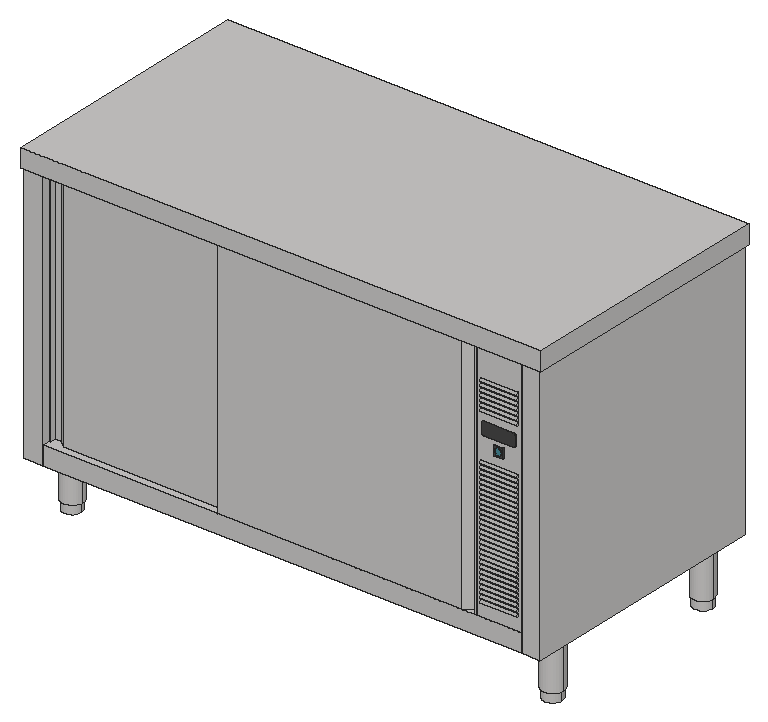
Revit family "QF_ZANUSSI_132872_MSR1407N", category Attrezzature speciali, Revit 2020
Family settings
  Quota connettore circolare = Usa diametro
  Tipo di parte = Normale
  Basato su piano di lavoro = No
  Sempre verticale = Sì
  Taglio con vuoti quando caricato = No
  Condiviso = No
  Punto di calcolo locali = No
Parameters (values of type "Standard")
  Weight = 60.00 kg
  Watts = 2400 W
  Volts = 220 V
  URL Manufacturer = "http://www.zanussiprofessional.com"
  URL = "http://www.zanussiprofessional.com"
  Steam Supply Size = 0 mm
  Steam Supply Minimum Pressure = 0.0 Pa
  Steam Supply Maximum Pressure = 0.0 Pa
  Steam Consumption per Hour = 0
  Refrigeration Suction Line Size = 0.0 mm
  Refrigeration Liquid Line Size = 0.0 mm
  Refrigerant Compressor Remote = yes
  Prospetto di default = 0.0 mm
  Produttore = "Zanussi"
  Phase = 1
  Modello = "MSR1407N"
  Length Actual = 1400.0 mm  # constant formula
  Item Number = "132872"
  Hot Water Size = 0 mm
  Height Actual = 900.0 mm  # constant formula
  HP = "3.2 HP"
  Gas Size = 0 mm
  Gas KW = 0
  Gas Input Pressure = 0 W
  Direct Waste Size = 0 mm
  Descrizione = "HOT CUPBOARD 1400MM"
  Depth Actual = 700.0 mm  # constant formula
  Cycle = 50 Hz
  Condensate Return Size = 0 mm
  Compressed Air Volume = 0.0 L/s
  Compressed Air Size = 0 mm
  Compressed Air Pressure = 0.0 Pa
  Cold Water Size = 0 mm
  Accessory = yes
Reference planes
  plane 1 "Center (Front/Back)": y = 0
  plane 2: z = 0
  plane 3 "Center (Left/Right)": x = -200
  plane 4 "LEFT": x = -900
  plane 5 "RIGHT": x = 500
  plane 6 "BACK": y = 350
  plane 7 "FRONT": y = -350
  plane 8 "Base": z = 850
  plane 9 "TOP": z = 900
  plane 10: x = -846.5
  plane 11: x = 446.5
  plane 12: y = 264.5
  plane 13: y = -241.5
  plane 14 "BodyLeft": x = -894.5
  plane 15 "BodyFront": y = -344.5
  plane 16 "BodyRight": x = 494.5
  plane 17 "BodyBack": y = 344.5
  plane 18 "FEET": z = 150
  plane 19: x = 324.5
  plane 20: x = -261
  plane 21: x = 444.5
  plane 22 "EIx": x = 400
  plane 23 "EIy": y = -170
Forms (mm)
  Extrusion 1, solid, material "QF_Finishes_Stainless Steel"
    sketch origin (-200, 0, 0) x (0, 1, 0) y (0, 0, 1)
      loop
        line (-350, 850) -> (350, 850) -> (350, 900) -> (-350, 900) -> (-350, 850)
    from 700 to -700
  Extrusion 2, solid, material "QF_Finishes_Stainless Steel"
    sketch origin (0, 0, 150) x (-1, 0, 0) y (0, -1, 0)
      loop
        line (894.5, -344.5) -> (894.5, 344.5) -> (844.5, 344.5) -> (844.5, -344.5) -> (894.5, -344.5)
      loop
        line (-444.5, -344.5) -> (-444.5, 344.5) -> (-494.5, 344.5) -> (-494.5, -344.5) -> (-444.5, -344.5)
    from 0 to 700
  Extrusion 3, solid, material "QF_Finishes_Stainless Steel"
    sketch origin (0, 0, 150) x (-1, 0, 0) y (0, -1, 0)
      loop
        line (844.5, -344.5) -> (844.5, 344.5) -> (-444.5, 344.5) -> (-444.5, -344.5) -> (844.5, -344.5)
    from 0 to 50
  Extrusion 4, solid, material "QF_Finishes_Stainless Steel"
    sketch origin (-1, 0, 150) x (-1, 0, 0) y (0, -1, 0)
      loop
        line (-325.5, 344.5) -> (-325.5, 324.5) -> (370.5, 324.5) -> (370.5, 344.5) -> (-285.5, 344.5) -> (-305.5, 329.5) -> (-320.5, 329.5) -> (-320.5, 344.5) -> (-325.5, 344.5)
    from 50 to 700
  Extrusion 5, solid, material "QF_Finishes_Stainless Steel"
    sketch origin (1, 20, 150) x (1, 0, 0) y (0, 1, 0)
      loop
        line (-845.5, -344.5) -> (-840.5, -344.5) -> (-840.5, -329.5) -> (-825.5, -329.5) -> (-805.5, -344.5) -> (-151.5, -344.5) -> (-151.5, -324.5) -> (-845.5, -324.5) -> (-845.5, -344.5)
    from 50 to 700
  Extrusion 6, solid, material "QF_Finishes_Stainless Steel"
    sketch origin (0, 0, 0) x (1, 0, 0) y (0, 1, 0)
      loop
        line (-844.5, -304.5) -> (324.5, -304.5) -> (324.5, 324.5) -> (-844.5, 324.5) -> (-844.5, -304.5)
    from 500 to 540
  Extrusion 7, solid, material "QF_Finishes_Stainless Steel"
    sketch origin (0, 0, 0) x (1, 0, 0) y (0, 1, 0)
      loop
        line (444.5, 344.5) -> (-844.5, 344.5) -> (-844.5, 324.5) -> (444.5, 324.5) -> (444.5, 344.5)
    from 200 to 850
  Extrusion 8, solid, material "QF_Finishes_Stainless Steel"
    sketch origin (0, 0, 150) x (-1, 0, 0) y (0, -1, 0)
      loop
        circle (-400, 170) r 10
    from 0 to -5
Cuts and joins
  joined: Extrusion 3, Extrusion 7
Lines and regions (mm)
  symbolic lines
    curve 1: line (500, 350, 900) -> (-900, 350, 900)
    curve 2: line (-900, 350, 900) -> (-900, -350, 900)
    curve 3: line (-900, -350, 900) -> (500, -350, 900)
    curve 4: line (500, -350, 900) -> (500, 350, 900)
  symbolic lines, style "SpecialityEquipmentHiddenLines"
    curve 5: line (-894.5, 344.5, 150) -> (494.5, 344.5, 150)
    curve 6: line (-894.5, -344.5, 150) -> (-894.5, 344.5, 150)
    curve 7: line (494.5, -344.5, 150) -> (-894.5, -344.5, 150)
    curve 8: line (494.5, 344.5, 150) -> (494.5, -344.5, 150)
    curve 9: line (-845.5, -304.5, 150) -> (-149.5, -304.5, 150)
    curve 10: line (-149.5, -304.5, 150) -> (-149.5, -324.5, 150)
    curve 11: line (-845.5, -324.5, 150) -> (324.5, -324.5, 150)
    curve 12: line (324.5, -324.5, 150) -> (324.5, -344.5, 150)
    curve 13: line (-845.5, -304.5, 150) -> (-845.5, -324.5, 150)
    curve 14: line (-371.5, -344.5, 0) -> (-371.5, -324.5, 0)
Dimensions and locks
  plane 4 "LEFT" to plane 5 "RIGHT" = 1400.0 mm
  equal spacing: plane 4 "LEFT", plane 3 "Center (Left/Right)", plane 5 "RIGHT"
  locked: plane 8 "Base" to level at 850
  plane 9 "TOP" to level = 900.0 mm
  plane 6 "BACK" to plane 7 "FRONT" = 700.0 mm
  equal spacing: plane 6 "BACK", plane 1 "Center (Front/Back)", plane 7 "FRONT"
  locked: plane 4 "LEFT" to plane 14 "BodyLeft" at 5.5
  locked: plane 16 "BodyRight" to plane 5 "RIGHT" at 5.5
  locked: plane 15 "BodyFront" to plane 7 "FRONT" at 5.5
  locked: plane 6 "BACK" to plane 17 "BodyBack" at 5.5
  locked: plane 14 "BodyLeft" to plane 10 at 48
  locked: plane 11 to plane 16 "BodyRight" at 48
  locked: plane 13 to plane 15 "BodyFront" at 103
  locked: plane 17 "BodyBack" to plane 12 at 80
  plane 10 to plane 11 = 1293.0 mm
  plane 12 to plane 13 = 506.0 mm
  locked: plane 14 "BodyLeft" to Extrusion 2 sketch curve at 50
  locked: Extrusion 2 sketch curve to Extrusion 2 sketch curve at 50
  equal spacing: plane 10, plane 20, plane 19
  locked: plane 21 to plane 16 "BodyRight" at 50
  locked: plane 19 to plane 21 at 120
  locked: Extrusion 4 sketch curve to plane 20 at 110.5
  locked: plane 20 to Extrusion 5 sketch curve at 110.5
  locked: plane 18 "FEET" to level at 150
  locked: plane 22 "EIx" to plane 5 "RIGHT" at 100
  plane 23 "EIy" to plane 7 "FRONT" = 180.0 mm
  aligned and locked: level to plane 2
  aligned and locked: plane 10 to nested 1
  aligned and locked: nested 1 to plane 13
  aligned and locked: plane 11 to nested 2
  aligned and locked: nested 2 to plane 13
  aligned and locked: plane 11 to nested 4
  aligned and locked: nested 4 to plane 12
  aligned and locked: plane 10 to nested 3
  aligned and locked: nested 3 to plane 12
  aligned and locked: Extrusion 1 to plane 4 "LEFT"
  aligned and locked: plane 5 "RIGHT" to Extrusion 1
  aligned and locked: curve 2 to plane 4 "LEFT"
  aligned and locked: plane 17 "BodyBack" to Extrusion 2 sketch curve
  aligned and locked: Extrusion 2 sketch curve to plane 15 "BodyFront"
  aligned and locked: Extrusion 2 sketch curve to plane 14 "BodyLeft"
  aligned and locked: plane 16 "BodyRight" to Extrusion 2 sketch curve
  aligned and locked: Extrusion 2 sketch curve to plane 17 "BodyBack"
  aligned and locked: plane 15 "BodyFront" to Extrusion 2 sketch curve
  aligned and locked: Extrusion 3 sketch curve to plane 17 "BodyBack"
  aligned and locked: plane 15 "BodyFront" to Extrusion 3 sketch curve
  aligned and locked: plane 8 "Base" to Extrusion 2
  aligned and locked: plane 8 "Base" to Extrusion 4
  aligned and locked: Extrusion 4 to Extrusion 3
  aligned and locked: Extrusion 1 to plane 8 "Base"
  aligned and locked: plane 9 "TOP" to Extrusion 1
  aligned and locked: curve 5 to plane 17 "BodyBack"
  aligned and locked: plane 14 "BodyLeft" to curve 6
  aligned and locked: plane 15 "BodyFront" to curve 7
  aligned and locked: plane 16 "BodyRight" to curve 8
  aligned and locked: Extrusion 3 to Extrusion 2  (x2)
  aligned and locked: Extrusion 6 sketch curve to Extrusion 2
  aligned and locked: Extrusion 6 sketch curve to Extrusion 5
  aligned and locked: nested 5 to plane 21
  aligned and locked: Extrusion 7 sketch curve to Extrusion 2
  aligned and locked: Extrusion 6 sketch curve to plane 19
Automatic sketch dimensions
  curve 14 to plane 15 "BodyFront" = 0.0 mm
  plane 15 "BodyFront" to curve 14 = 20.0 mm
  curve 14 to plane 20 = 110.5 mm
  curve 3 to plane 7 "FRONT" = 0.0 mm
  curve 4 to plane 6 "BACK" = 0.0 mm
  Extrusion 1 sketch curve to plane 7 "FRONT" = 0.0 mm
  Extrusion 1 sketch curve to plane 6 "BACK" = 0.0 mm
  Extrusion 1 sketch curve to plane 8 "Base" = 0.0 mm
  Extrusion 1 sketch curve to plane 9 "TOP" = 0.0 mm
  Extrusion 3 sketch curve to plane 21 = 0.0 mm
  plane 10 to Extrusion 3 sketch curve = 2.0 mm
  Extrusion 4 sketch curve to plane 19 = 0.0 mm
  Extrusion 4 sketch curve to plane 15 "BodyFront" = 0.0 mm  (x2)
  Extrusion 4 sketch curve to Extrusion 4 sketch curve = 5.0 mm
  Extrusion 4 sketch curve to Extrusion 4 sketch curve = 15.0 mm  (x2)
  Extrusion 4 sketch curve to Extrusion 4 sketch curve = 20.0 mm  (x2)
  Extrusion 5 sketch curve to plane 15 "BodyFront" = 20.0 mm  (x2)
  Extrusion 5 sketch curve to plane 10 = 42.0 mm
  Extrusion 5 sketch curve to plane 10 = 22.0 mm
  Extrusion 5 sketch curve to plane 10 = 7.0 mm
  Extrusion 5 sketch curve to plane 10 = 2.0 mm
  Extrusion 5 sketch curve to Extrusion 5 sketch curve = 15.0 mm
  Extrusion 5 sketch curve to Extrusion 5 sketch curve = 20.0 mm
  plane 21 to curve 12 = 120.0 mm
  curve 7 to plane 15 "BodyFront" = 0.0 mm
  plane 3 "Center (Left/Right)" to curve 9 = 50.5 mm
  plane 10 to curve 11 = 1.0 mm
  plane 15 "BodyFront" to curve 9 = 40.0 mm
  curve 11 to curve 12 = 20.0 mm
  plane 12 to Extrusion 6 sketch curve = 60.0 mm
  Extrusion 7 sketch curve to plane 17 "BodyBack" = 0.0 mm
  Extrusion 7 sketch curve to plane 21 = 0.0 mm
  Extrusion 7 sketch curve to plane 17 "BodyBack" = 20.0 mm
  curve 4 to plane 5 "RIGHT" = 0.0 mm
  Extrusion 8 sketch curve to plane 22 "EIx" = 0.0 mm
  Extrusion 8 sketch curve to plane 23 "EIy" = 0.0 mm
  radius of Extrusion 8 sketch curve = 10.0 mm
Nested families
  nested 1: "FEET_D58-150" at (-846.5, -241.5, 0), type "FEET_D58-150"
  nested 2: "FEET_D58-150" at (446.5, -241.5, 0), type "FEET_D58-150"
  nested 3: "FEET_D58-150" at (-846.5, 264.5, 0), type "FEET_D58-150"
  nested 4: "FEET_D58-150" at (446.5, 264.5, 0), type "FEET_D58-150"
  nested 5: "WT_PNL120x650" at (531.42, -304.5, 600) x (1, 0, 0) z (0, -1, 0), type "WT_PNL120x650"
    with Show Logo yes
Connectors
  electrical at (400, -170, 145)
    settings: on Extrusion 8, index 1, voltage 0 V, apparent load 0 VA, apparent load phase1 0 VA, apparent load phase2 0 VA, apparent load phase3 0 VA, power factor 1, load classification "Other", number of poles 1, system type 30, power factor state 1, is connector primary yes, connector utility no, sub classification motor no, connector description "Electrical connection"
Definition of nested family "FEET_D58-150"
  Parameters
    Default Elevation = 0.0 mm
    FEET = 150.0 mm
  Reference planes
    plane 1 "Center (Front/Back)": y = 0
    plane 2: z = 0
    plane 3 "Center (Left/Right)": x = 0
    plane 4: z = 150
  Forms (mm)
    Extrusion 1, solid
      sketch origin (0, 0, 0) x (1, 0, 0) y (0, 1, 0)
        loop
          circle (0, 0) r 25
      from 0 to 25
    Extrusion 2, solid
      sketch origin (0, 0, 0) x (1, 0, 0) y (0, 1, 0)
        loop
          circle (0.061, 0) r 29
      from 25 to 150 <- "FEET"
  Lines and regions (mm)
    symbolic lines
      curve 1: line (0, -1.503, 0) -> (0, 1.508, 0)
      curve 2: line (1.561, 0, 0) -> (-1.439, 0, 0)
  Dimensions and locks
    "FEET": plane 4 to plane 2
    aligned and locked: level to plane 2
  Automatic sketch dimensions
    plane 1 "Center (Front/Back)" to Extrusion 1 sketch curve = 0.0 mm
    Extrusion 1 sketch curve to plane 3 "Center (Left/Right)" = 0.0 mm
    plane 1 "Center (Front/Back)" to curve 2 = 0.0 mm
    curve 1 to plane 3 "Center (Left/Right)" = 0.0 mm
    curve 2 to plane 3 "Center (Left/Right)" = 1.439 mm
    plane 3 "Center (Left/Right)" to curve 2 = 1.561 mm
    plane 1 "Center (Front/Back)" to curve 1 = 1.503 mm
    curve 1 to plane 1 "Center (Front/Back)" = 1.508 mm
    plane 1 "Center (Front/Back)" to Extrusion 2 sketch curve = 0.0 mm
    plane 3 "Center (Left/Right)" to Extrusion 2 sketch curve = 0.061 mm
    radius of Extrusion 1 sketch curve = 25.0 mm
    radius of Extrusion 2 sketch curve = 29.0 mm
Definition of nested family "WT_PNL120x650"
  Parameters
    Show Logo [instance] = yes
    Default Elevation = 1219.2 mm
  Reference planes
    plane 1 "Center (Front/Back)": y = -75
    plane 2: z = 0
    plane 3 "Center (Left/Right)": x = -146.92
    plane 4: x = -206.92
    plane 5: x = -86.92
    plane 6: y = 250
    plane 7: y = -400
    plane 8 "TOP": z = 40
  Forms (mm)
    Extrusion 1, solid
      sketch origin (0, 0, 0) x (1, 0, 0) y (0, 1, 0)
        loop
          line (-1219.2, 1219.2) -> (-1219.2, -1219.2) -> (1219.2, -1219.2) -> (1219.2, 1219.2) -> (-1219.2, 1219.2)
      from 0 to -304.8
    Extrusion 2, solid
      sketch origin (0, 0, 0) x (1, 0, 0) y (0, 1, 0)
        loop
          line (-206.92, 250) -> (-206.92, -400) -> (-86.92, -400) -> (-86.92, 250) -> (-206.92, 250)
      from 0 to 40
    Extrusion 3, void
      sketch origin (0, 0, 40) x (-1, 0, 0) y (0, -1, 0)
        loop
          arc (101.92, -68.899) -> (103.795, -73.256) -> (108.247, -74.89) r 6
          line (108.247, -74.89) -> (185.92, -74.89)
          arc (185.92, -74.89) -> (190.163, -73.133) -> (191.92, -68.89) r 6
          line (191.92, -68.89) -> (191.92, -45.89)
          arc (191.92, -45.89) -> (190.163, -41.648) -> (185.92, -39.89) r 6
          line (185.92, -39.89) -> (107.92, -39.89)
          arc (107.92, -39.89) -> (103.677, -41.648) -> (101.92, -45.89) r 6
          line (101.92, -45.89) -> (101.92, -68.899)
        loop
          line (158.92, -27.89) -> (158.92, -2.89) -> (134.92, -2.89) -> (134.92, -27.89) -> (158.92, -27.89)
      from -2 to 0
    Extrusion 4, solid
      sketch origin (0, 0, 40) x (-1, 0, 0) y (0, -1, 0)
        loop
          line (185.92, -39.89) -> (107.92, -39.89)
          arc (107.92, -39.89) -> (103.677, -41.648) -> (101.92, -45.89) r 6
          line (101.92, -45.89) -> (101.92, -68.899)
          arc (101.92, -68.899) -> (103.795, -73.256) -> (108.247, -74.89) r 6
          line (108.247, -74.89) -> (185.92, -74.89)
          arc (185.92, -74.89) -> (190.163, -73.133) -> (191.92, -68.89) r 6
          line (191.92, -68.89) -> (191.92, -45.89)
          arc (191.92, -45.89) -> (190.163, -41.648) -> (185.92, -39.89) r 6
      from -2 to 1
    Extrusion 5, solid
      sketch origin (-146.92, 0, 0) x (0, 1, 0) y (0, 0, 1)
        loop
          line (95.896, 40) -> (104.899, 40) -> (95.896, 41.206) -> (95.896, 40)
        loop
          line (107.896, 40) -> (116.899, 40) -> (107.896, 41.206) -> (107.896, 40)
        loop
          line (119.896, 40) -> (128.899, 40) -> (119.896, 41.206) -> (119.896, 40)
        loop
          line (131.896, 40) -> (140.899, 40) -> (131.896, 41.206) -> (131.896, 40)
        loop
          line (143.896, 40) -> (152.899, 40) -> (143.896, 41.206) -> (143.896, 40)
        loop
          line (155.896, 40) -> (164.899, 40) -> (155.896, 41.206) -> (155.896, 40)
        loop
          line (167.896, 40) -> (176.899, 40) -> (167.896, 41.206) -> (167.896, 40)
        loop
          line (-102.104, 40) -> (-93.101, 40) -> (-102.104, 41.206) -> (-102.104, 40)
        loop
          line (-90.104, 40) -> (-81.101, 40) -> (-90.104, 41.206) -> (-90.104, 40)
        loop
          line (-78.104, 40) -> (-69.101, 40) -> (-78.104, 41.206) -> (-78.104, 40)
        loop
          line (-66.104, 40) -> (-57.101, 40) -> (-66.104, 41.206) -> (-66.104, 40)
        loop
          line (-54.104, 40) -> (-45.101, 40) -> (-54.104, 41.206) -> (-54.104, 40)
        loop
          line (-42.104, 40) -> (-33.101, 40) -> (-42.104, 41.206) -> (-42.104, 40)
        loop
          line (-30.104, 40) -> (-21.101, 40) -> (-30.104, 41.206) -> (-30.104, 40)
        loop
          line (-174.104, 40) -> (-165.101, 40) -> (-174.104, 41.206) -> (-174.104, 40)
        loop
          line (-162.104, 40) -> (-153.101, 40) -> (-162.104, 41.206) -> (-162.104, 40)
        loop
          line (-150.104, 40) -> (-141.101, 40) -> (-150.104, 41.206) -> (-150.104, 40)
        loop
          line (-138.104, 40) -> (-129.101, 40) -> (-138.104, 41.206) -> (-138.104, 40)
        loop
          line (-126.104, 40) -> (-117.101, 40) -> (-126.104, 41.206) -> (-126.104, 40)
        loop
          line (-114.104, 40) -> (-105.101, 40) -> (-114.104, 41.206) -> (-114.104, 40)
        loop
          line (-246.104, 40) -> (-237.101, 40) -> (-246.104, 41.206) -> (-246.104, 40)
        loop
          line (-234.104, 40) -> (-225.101, 40) -> (-234.104, 41.206) -> (-234.104, 40)
        loop
          line (-222.104, 40) -> (-213.101, 40) -> (-222.104, 41.206) -> (-222.104, 40)
        loop
          line (-210.104, 40) -> (-201.101, 40) -> (-210.104, 41.206) -> (-210.104, 40)
        loop
          line (-198.104, 40) -> (-189.101, 40) -> (-198.104, 41.206) -> (-198.104, 40)
        loop
          line (-186.104, 40) -> (-177.101, 40) -> (-186.104, 41.206) -> (-186.104, 40)
        loop
          line (-318.104, 40) -> (-309.101, 40) -> (-318.104, 41.206) -> (-318.104, 40)
        loop
          line (-306.104, 40) -> (-297.101, 40) -> (-306.104, 41.206) -> (-306.104, 40)
        loop
          line (-294.104, 40) -> (-285.101, 40) -> (-294.104, 41.206) -> (-294.104, 40)
        loop
          line (-282.104, 40) -> (-273.101, 40) -> (-282.104, 41.206) -> (-282.104, 40)
        loop
          line (-270.104, 40) -> (-261.101, 40) -> (-270.104, 41.206) -> (-270.104, 40)
        loop
          line (-258.104, 40) -> (-249.101, 40) -> (-258.104, 41.206) -> (-258.104, 40)
        loop
          line (-366.104, 40) -> (-357.101, 40) -> (-366.104, 41.206) -> (-366.104, 40)
        loop
          line (-354.104, 40) -> (-345.101, 40) -> (-354.104, 41.206) -> (-354.104, 40)
        loop
          line (-342.104, 40) -> (-333.101, 40) -> (-342.104, 41.206) -> (-342.104, 40)
        loop
          line (-330.104, 40) -> (-321.101, 40) -> (-330.104, 41.206) -> (-330.104, 40)
      from -50 to 50
    Extrusion 6, solid
      sketch origin (0, 0, 40) x (-1, 0, 0) y (0, -1, 0)
        loop
          line (134.92, -27.89) -> (158.92, -27.89) -> (158.92, -2.89) -> (134.92, -2.89) -> (134.92, -27.89)
        loop
          circle (146.92, -15.39) r 9
      from -2 to 3
    Extrusion 7, solid
      sketch origin (0, 0, 40) x (-1, 0, 0) y (0, -1, 0)
        loop
          circle (146.92, -15.39) r 9
      from 0 to 3
  Cuts and joins
    Extrusion 3 cuts Extrusion 2
  Dimensions and locks
    equal spacing: plane 6, plane 1 "Center (Front/Back)", plane 7
    equal spacing: plane 4, plane 3 "Center (Left/Right)", plane 5
    plane 8 "TOP" to level = 40.0 mm
    aligned and locked: plane 2 to Extrusion 1
    aligned and locked: level to Extrusion 1
  Automatic sketch dimensions
    Extrusion 1 sketch curve to Extrusion 1 sketch curve = 2438.4 mm  (x2)
    Extrusion 2 sketch curve to plane 4 = 0.0 mm
    Extrusion 2 sketch curve to plane 5 = 0.0 mm
    Extrusion 2 sketch curve to plane 7 = 0.0 mm
    Extrusion 2 sketch curve to plane 6 = 0.0 mm
    Extrusion 5 sketch curve to plane 8 "TOP" = 0.0 mm  (x36)
    Extrusion 5 sketch curve to Extrusion 5 sketch curve = 9.003 mm  (x35)
    plane 8 "TOP" to Extrusion 5 sketch curve = 1.206 mm  (x22)
    Extrusion 5 sketch curve to Extrusion 5 sketch curve = 2.997 mm  (x33)
    plane 1 "Center (Front/Back)" to Extrusion 5 sketch curve = 6.101 mm
    plane 1 "Center (Front/Back)" to Extrusion 5 sketch curve = 3.104 mm
    Extrusion 5 sketch curve to plane 1 "Center (Front/Back)" = 5.899 mm
    Extrusion 5 sketch curve to Extrusion 5 sketch curve = 116.997 mm
    Extrusion 5 sketch curve to Extrusion 5 sketch curve = 1.206 mm  (x14)
    Extrusion 4 sketch curve to plane 5 = 15.0 mm
    Extrusion 4 sketch curve to Extrusion 4 sketch curve = 6.0 mm  (x3)
    Extrusion 4 sketch curve to Extrusion 4 sketch curve = 0.327 mm
    plane 4 to Extrusion 4 sketch curve = 21.0 mm  (x2)
    Extrusion 4 sketch curve to plane 1 "Center (Front/Back)" = 149.89 mm
    Extrusion 4 sketch curve to Extrusion 4 sketch curve = 23.009 mm
    Extrusion 3 sketch curve to plane 5 = 15.0 mm
    Extrusion 3 sketch curve to Extrusion 3 sketch curve = 6.0 mm  (x3)
    Extrusion 3 sketch curve to Extrusion 3 sketch curve = 0.327 mm
    plane 3 "Center (Left/Right)" to Extrusion 3 sketch curve = 12.0 mm
    Extrusion 3 sketch curve to plane 3 "Center (Left/Right)" = 12.0 mm
    plane 4 to Extrusion 3 sketch curve = 21.0 mm  (x2)
    Extrusion 3 sketch curve to plane 1 "Center (Front/Back)" = 149.89 mm
    Extrusion 3 sketch curve to Extrusion 3 sketch curve = 23.0 mm
    Extrusion 3 sketch curve to Extrusion 3 sketch curve = 12.0 mm
    Extrusion 3 sketch curve to Extrusion 3 sketch curve = 25.0 mm
    Extrusion 6 sketch curve to plane 3 "Center (Left/Right)" = 0.0 mm
    plane 3 "Center (Left/Right)" to Extrusion 6 sketch curve = 12.0 mm
    Extrusion 6 sketch curve to plane 3 "Center (Left/Right)" = 12.0 mm
    Extrusion 6 sketch curve to plane 1 "Center (Front/Back)" = 102.89 mm
    Extrusion 6 sketch curve to Extrusion 6 sketch curve = 12.5 mm  (x2)
    Extrusion 7 sketch curve to plane 3 "Center (Left/Right)" = 0.0 mm
    Extrusion 7 sketch curve to plane 1 "Center (Front/Back)" = 90.39 mm
    radius of Extrusion 6 sketch curve = 9.0 mm
    radius of Extrusion 7 sketch curve = 9.0 mm
